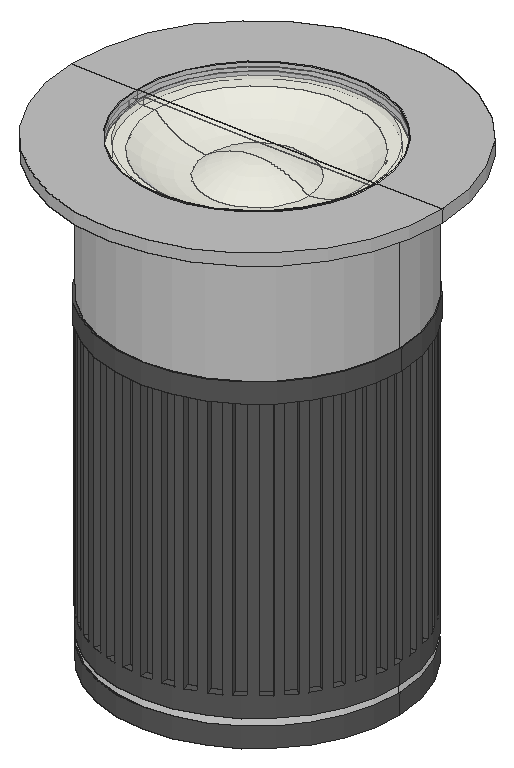
Revit family "STH8706_30", category Luminárias, Revit 2023
Family settings
  Hospedeiro = Piso
  Cota do conector redondo = Utilizar diâmetro
  Tipo de parte = Normal
  Sempre na vertical = Sim
  Corte com vazios quando carregada = Sim
  Fonte luminosa = Sim
  Manter orientação da anotação = Não
  Compartilhado = Não
  Ponto de cálculo do ambiente = Não
Parameters (values of type "STH8706/30 - BIVOLT")
  Ângulo de inclinação = -90.00°
  Ângulo de Abertura = "30°"
  Wattage = 2.15427 W
  Vidro = Vidro
  URL = "https://stella.com.br/"
  Troca de temperatura da cor de lâmpada com esmaecimento = <Nenhum>
  Tensão Elétrica = "100V-240V"
  built-in parameter 1150107 = 3000 (stored number, unit not read)
  Temperatura da cor (K) = 3000 K
  Silicone = Borracha Silicone
  Referência = "STH8706/30"
  Potência = 5 W
  built-in parameter 1150110 = 1 (stored number, unit not read)
  built-in parameter 1150109 = 1 (stored number, unit not read)
  built-in parameter 1114218 = 1 (stored number, unit not read)
  built-in parameter 1150112 = 1 (stored number, unit not read)
  built-in parameter 1150113 = 1 (stored number, unit not read)
  built-in parameter 1150142 = "IESNA:LM-63-2002\r\n[TEST] Viso LabSpion - serial: 0680502858 sensor serial: 0945471843\r\n[TESTLAB] Viso LabSpion - serial: 0680502858 sensor serial: 0945471843 - Test lab\r\n[MANUFAC] N/A\r\n[ISSUEDATE] 28/10/2019\r\n[LUMINAIRE] STELLA - STH8706/30 - FOCCO INOX 30° 5W\r\n[LUMCAT] N/A\r\n[_SERIALNUMBER] VFR-191028-2178-MS\r\nTILT=NONE\r\n1 349 1 181 9 1 2 0 0.09 0\r\n1.0 1.0 4.49\r\n0 1 2 3 4 5 6 7 8 9 10 11 12 13 14 15 16 17 18 19 20 21 22 23 24 25 26 27 28 29 30 31 32 33 34 35 36 37 38 39 40 41 42 43 44 45 46 47 48 49 50 51 52 53 54 55 56 57 58 59 60 61 62 63 64 65 66 67 68 69 70 71 72 73 74 75 76 77 78 79 80\r\n 81 82 83 84 85 86 87 88 89 90 91 92 93 94 95 96 97 98 99 100 101 102 103 104 105 106 107 108 109 110 111 112 113 114 115 116 117 118 119 120 121 122 123 124 125 126 127 128 129 130 131 132 133 134 135 136 137 138 139 140 141 142 143\r\n 144 145 146 147 148 149 150 151 152 153 154 155 156 157 158 159 160 161 162 163 164 165 166 167 168 169 170 171 172 173 174 175 176 177 178 179 180\r\n0 45 90 135 180 225 270 315 360 \r\n1254.4132 1253.9125 1241.334 1219.8405 1190.3625 1153.229 1105.2909 1043.751 971.4144 892.0427 810.495 730.2625 654.4232 584.4614 520.3654 462.6151 411.8029 367.1335 326.9661 290.4873 260.0318 233.9432 211.0417 190.8212 172.4803 155.1054\r\n 139.402 124.8967 111.0443 98.7071 87.6979 77.3597 68.5152 60.9758 54.2211 48.2678 42.6433 37.6116 33.5306 30.192 27.385 25.212 23.2357 21.5082 19.9833 18.6603 17.5818 16.5461 15.6115 14.638 13.7428 12.6874 12.1177 11.3574 10.6768\r\n 9.9944 9.1991 8.3254 7.6386 7.1784 6.6679 6.121 5.6606 5.2085 4.9316 4.3903 4.0749 4.0142 3.5045 3.3953 3.1317 2.969 2.6788 2.5023 2.2626 2.1586 2.0299 1.6885 1.3581 1.2192 1.0905 1.0249 1.012 0.7 0.745 0.6281 0.5141 0.3594 0.3912\r\n 0.2875 0.3161 0.2329 0.2031 0.2829 0.2768 0.2636 0.2784 0.309 0.2647 0.3079 0.3912 0.3324 0.2182 0.2703 0.2493 0.2606 0 0 0 0 0 0 0 0 0 0 0 0 0 0 0 0 0 0 0 0 0 0 0 0 0 0 0 0 0 0 0 0 0 0 0 0 0 0 0 0 0 0 0 0 0 0 0 0 0 0 0 0 0 0 0 0\r\n 0 0 0 0 0 0 0 0 0 0 0 0 0 0 0 0 0 0 0\r\n1254.4132 1258.5267 1246.0576 1221.8204 1187.9574 1144.4435 1093.5366 1032.2061 957.2703 875.769 793.9715 714.6665 639.377 569.0416 505.8973 450.1356 399.6467 354.698 314.2841 276.1655 241.247 211.0234 185.8788 164.1525 144.5958 127.6504\r\n 113.353 100.5997 88.7461 77.5806 68.2361 60.1811 52.4355 45.9279 40.3069 35.1692 31.3314 27.9159 25.4303 23.4056 21.5912 20.0094 18.6721 17.5852 16.6066 15.8589 15.006 14.3343 13.5491 12.7749 12.2979 11.825 11.17 10.6161 9.9484 9.4216\r\n 8.8805 8.2717 7.6062 7.2206 6.7528 6.2087 5.7843 5.3027 4.9474 4.7813 4.3815 3.9644 3.7432 3.6195 3.2707 2.9619 2.6978 2.361 2.1511 2.0917 1.9482 1.6281 1.7747 1.2969 1.1375 1.2382 0.8927 0.8767 0.6867 0.676 0.4894 0.4379 0.4022 0.3582\r\n 0.2836 0.2538 0.2465 0.266 0.2515 0.378 0.3047 0.2723 0.3996 0.2892 0.3675 0.3072 0.222 0.2306 0.2347 0.1671 0 0 0 0 0 0 0 0 0 0 0 0 0 0 0 0 0 0 0 0 0 0 0 0 0 0 0 0 0 0 0 0 0 0 0 0 0 0 0 0 0 0 0 0 0 0 0 0 0 0 0 0 0 0 0 0 0 0 0 0 0\r\n 0 0 0 0 0 0 0 0 0 0 0 0 0 0\r\n1254.4132 1260.8184 1252.4763 1234.1277 1206.6128 1169.6702 1121.3696 1060.6644 989.048 911.2177 831.9017 753.7735 678.2349 607.8521 541.8052 480.9652 427.8038 380.9907 339.6356 302.3693 270.6237 243.6261 220.5038 199.8374 181.4418\r\n 164.4878 148.789 134.405 120.4864 107.5826 96.0976 85.5607 75.9769 67.1928 59.6711 52.9129 46.379 40.8468 35.6911 31.5441 28.0253 25.584 23.4236 21.5575 20.0478 18.5168 17.4785 16.1482 15.0496 14.2868 13.4057 12.5365 11.8588 11.3479\r\n 10.8473 10.1302 9.2931 8.4309 7.953 7.2649 6.8551 6.4381 5.9731 5.5541 5.5304 4.5808 4.3742 3.8618 3.7545 3.387 3.2907 2.997 2.7633 2.6123 2.5462 2.3421 1.9516 1.6387 1.6271 1.4692 1.3151 1.1567 1.1366 0.8337 0.7882 0.6221 0.4269\r\n 0.3264 0.3218 0.4414 0.3278 0.3216 0.3627 0.3472 0.3095 0.2801 0.225 0.2559 0.3368 0.3185 0.3192 0.2614 0.3976 0.3824 0.3204 0.2447 0 0 0 0 0 0 0 0 0 0 0 0 0 0 0 0 0 0 0 0 0 0 0 0 0 0 0 0 0 0 0 0 0 0 0 0 0 0 0 0 0 0 0 0 0 0 0 0 0\r\n 0 0 0 0 0 0 0 0 0 0 0 0 0 0 0 0 0 0 0 0 0 0 0 0 0 0\r\n1254.4132 1235.4283 1213.8408 1183.0004 1142.5634 1090.6595 1028.7759 958.5201 882.6031 807.5621 736.4127 667.479 599.6966 536.6339 479.4222 428.7743 384.2295 345.5846 312.1198 284.8937 262.077 241.29 222.0976 204.6026 188.0746 171.8872\r\n 156.1098 141.2218 126.8588 113.3506 101.0661 89.7527 78.8199 69.1384 60.3517 52.472 46.0501 40.1557 35.6667 32.0867 29.2476 26.8199 25.0246 23.195 21.5271 19.9459 18.6488 17.481 16.1509 14.895 13.9296 13.102 12.1383 10.9541 9.8562\r\n 9.0488 8.2671 7.9311 7.3769 6.9236 6.2291 5.6055 5.4917 5.2086 4.753 4.2428 4.1063 3.9255 3.6452 3.3308 3.05 3.0136 2.7421 2.4527 2.0496 1.7669 1.6744 1.4858 1.3503 1.1469 0.8576 0.9043 0.7503 0.5449 0.551 0.3771 0.3758 0.3205 0.3087\r\n 0.2202 0.1844 0.2156 0.3008 0.3256 0.225 0.3289 0.3273 0.2419 0.3266 0.2844 0.2969 0.2841 0.346 0.2998 0.1812 0.2833 0 0 0 0 0 0 0 0 0 0 0 0 0 0 0 0 0 0 0 0 0 0 0 0 0 0 0 0 0 0 0 0 0 0 0 0 0 0 0 0 0 0 0 0 0 0 0 0 0 0 0 0 0 0 0 0 0\r\n 0 0 0 0 0 0 0 0 0 0 0 0 0 0 0 0 0 0\r\n1254.4132 1246.3771 1225.2507 1195.5458 1154.6616 1102.3846 1039.9093 968.1651 889.1256 811.4557 735.4625 663.6357 595.2045 530.9684 471.886 419.9822 374.1713 332.6627 296.6514 267.1753 242.1604 220.1385 200.9437 183.7139 167.2851\r\n 150.8855 135.5332 120.9409 107.4527 94.8614 83.6417 73.5847 64.9974 57.0199 50.2707 44.1006 38.8356 34.3481 30.8981 28.1938 25.9848 24.11 22.5037 20.8807 19.5292 18.0988 16.7628 15.9177 14.8327 13.9557 12.8745 12.0212 11.3339 10.4331\r\n 9.6058 8.8623 8.1345 7.6248 7.2058 6.8767 6.4446 6.0256 5.5693 5.1569 4.8279 4.327 4.2256 3.9633 3.7743 3.4121 2.9375 3.0062 2.8473 2.3862 2.3347 2.1409 1.5946 1.6102 1.4635 1.1832 1.0704 0.8666 0.9086 0.6659 0.5801 0.4198 0.4252\r\n 0.4886 0.4414 0.3768 0.3345 0.3358 0.3038 0.2745 0.3315 0.1691 0.3349 0.4682 0.331 0.246 0.34 0.2262 0.2202 0.2727 0.3493 0.1718 0 0 0 0 0 0 0 0 0 0 0 0 0 0 0 0 0 0 0 0 0 0 0 0 0 0 0 0 0 0 0 0 0 0 0 0 0 0 0 0 0 0 0 0 0 0 0 0 0 0 0\r\n 0 0 0 0 0 0 0 0 0 0 0 0 0 0 0 0 0 0 0 0 0 0 0 0\r\n1254.4132 1242.9012 1216.9487 1180.6218 1134.0955 1076.8306 1009.7396 934.5873 854.0663 771.1406 691.1722 616.2407 547.0357 484.1858 428.3432 380.7833 338.7082 298.7963 263.0311 230.8081 202.7586 178.7216 157.7128 139.7497 123.9228\r\n 109.3672 96.2509 84.5015 74.0158 64.9604 57.3224 50.2877 44.0308 38.8183 34.5657 30.7584 27.804 25.3022 23.0539 21.1521 19.7532 18.3861 17.5487 16.56 15.6809 14.8834 14.2491 13.5606 12.9473 12.4675 11.8173 11.2582 10.906 10.6004 9.9712\r\n 9.3199 8.5279 8.0192 7.6707 6.7705 6.298 5.787 5.4795 5.0557 4.7864 4.2792 4.0646 3.6468 3.4701 3.263 2.9295 2.7777 2.6672 2.2934 2.0037 1.9205 1.6528 1.4877 1.4075 1.2658 0.9463 0.7881 0.8451 0.7004 0.5305 0.4469 0.3906 0.2752 0.2911\r\n 0.3088 0.3343 0.2606 0.2639 0.291 0.2719 0.2215 0.1922 0.2581 0.296 0.2959 0.2539 0.3435 0.3073 0.2476 0.2152 0.2326 0 0 0 0 0 0 0 0 0 0 0 0 0 0 0 0 0 0 0 0 0 0 0 0 0 0 0 0 0 0 0 0 0 0 0 0 0 0 0 0 0 0 0 0 0 0 0 0 0 0 0 0 0 0 0 0 0\r\n 0 0 0 0 0 0 0 0 0 0 0 0 0 0 0 0 0 0\r\n1254.4132 1243.0748 1218.2241 1184.4143 1140.4849 1082.7727 1015.2307 940.3441 861.7363 778.982 697.7951 622.7253 553.9092 492.6762 438.255 389.3249 345.106 305.8658 272.5987 244.3784 219.5677 197.6613 178.8653 161.6208 145.833 131.8108\r\n 118.8344 107.3735 96.2258 85.9411 76.4377 67.5967 59.9382 52.9466 46.2628 40.8295 35.843 31.7214 28.1535 25.4005 23.3475 21.3511 19.8092 18.7264 17.464 16.1561 15.215 14.4462 13.5715 12.9899 12.1965 11.576 10.977 10.1749 9.5555 8.9544\r\n 8.4803 7.9057 7.0995 6.8114 6.3312 5.6098 5.1373 4.9212 4.5402 4.0894 3.7137 3.6764 3.3319 3.098 3.1816 2.6493 2.3257 2.3344 1.9678 1.686 1.7606 1.3919 1.2041 1.1729 1.0065 0.7529 0.5361 0.5367 0.5164 0.3254 0.3441 0.3266 0.2683 0.2674\r\n 0.2634 0.2602 0.2107 0.2504 0.2085 0.3362 0.3486 0.3034 0.2294 0.3923 0.273 0.2 0.2519 0.3493 0.1906 0.1144 0 0 0 0 0 0 0 0 0 0 0 0 0 0 0 0 0 0 0 0 0 0 0 0 0 0 0 0 0 0 0 0 0 0 0 0 0 0 0 0 0 0 0 0 0 0 0 0 0 0 0 0 0 0 0 0 0 0 0 0 0\r\n 0 0 0 0 0 0 0 0 0 0 0 0 0 0\r\n1254.4132 1250.2531 1246.1835 1232.5193 1210.9766 1177.9784 1131.4691 1073.9901 1005.8739 929.3328 851.3233 774.7342 699.4015 628.5537 562.5295 501.0316 445.4259 397.7925 357.3293 321.9744 291.2104 264.6104 241.0632 219.9406 200.7796\r\n 183.1833 166.7476 150.679 135.9636 122.4888 109.5469 97.6445 87.7943 77.6395 69.2489 61.6235 54.4636 48.4003 42.5542 37.4801 33.6872 30.6123 27.7666 25.428 23.6592 21.9344 20.4108 19.0157 17.9703 16.5212 15.3204 14.6069 13.7808 12.6641\r\n 11.7441 11.0874 10.1173 9.3827 8.4353 7.8541 7.1804 6.6905 6.0754 5.7262 5.0929 4.7684 4.3218 3.9598 3.7421 3.5313 3.1695 3.0003 2.7734 2.5025 2.5249 2.179 2.1048 1.8161 1.7876 1.5602 1.3105 0.9898 1.08 0.7632 0.7683 0.5959 0.456\r\n 0.3398 0.3584 0.3288 0.4379 0.4395 0.4414 0.3189 0.2954 0.3258 0.2462 0.2182 0.2401 0.3791 0.2493 0.3086 0.2362 0.2691 0.2642 0.1683 0 0 0 0 0 0 0 0 0 0 0 0 0 0 0 0 0 0 0 0 0 0 0 0 0 0 0 0 0 0 0 0 0 0 0 0 0 0 0 0 0 0 0 0 0 0 0 0 0\r\n 0 0 0 0 0 0 0 0 0 0 0 0 0 0 0 0 0 0 0 0 0 0 0 0 0 0\r\n1254.4132 1253.9125 1241.334 1219.8405 1190.3625 1153.229 1105.2909 1043.751 971.4144 892.0427 810.495 730.2625 654.4232 584.4614 520.3654 462.6151 411.8029 367.1335 326.9661 290.4873 260.0318 233.9432 211.0417 190.8212 172.4803 155.1054\r\n 139.402 124.8967 111.0443 98.7071 87.6979 77.3597 68.5152 60.9758 54.2211 48.2678 42.6433 37.6116 33.5306 30.192 27.385 25.212 23.2357 21.5082 19.9833 18.6603 17.5818 16.5461 15.6115 14.638 13.7428 12.6874 12.1177 11.3574 10.6768\r\n 9.9944 9.1991 8.3254 7.6386 7.1784 6.6679 6.121 5.6606 5.2085 4.9316 4.3903 4.0749 4.0142 3.5045 3.3953 3.1317 2.969 2.6788 2.5023 2.2626 2.1586 2.0299 1.6885 1.3581 1.2192 1.0905 1.0249 1.012 0.7 0.745 0.6281 0.5141 0.3594 0.3912\r\n 0.2875 0.3161 0.2329 0.2031 0.2829 0.2768 0.2636 0.2784 0.309 0.2647 0.3079 0.3912 0.3324 0.2182 0.2703 0.2493 0.2606 0 0 0 0 0 0 0 0 0 0 0 0 0 0 0 0 0 0 0 0 0 0 0 0 0 0 0 0 0 0 0 0 0 0 0 0 0 0 0 0 0 0 0 0 0 0 0 0 0 0 0 0 0 0 0 0\r\n 0 0 0 0 0 0 0 0 0 0 0 0 0 0 0 0 0 0 0\r\n"
  built-in parameter 1150132 = 2
  built-in parameter 1150137 = (empty or 0)
  Modelo = "Focco 30°"
  Luminoso = Luminoso - 3000K
  built-in parameter 1150106 = 11.951 (stored number, unit not read)
  built-in parameter 1150102 = (empty or 0)
  built-in parameter 1150105 = 1195.1 (stored number, unit not read)
  IRC (Índice de reprodução de cores) = ">80"
  Grau de proteção (IP) = "IP67"
  Fluxo Luminoso = 320 lm
  Color Filter = 16777215
  built-in parameter 1114217 = 1 (stored number, unit not read)
  built-in parameter 1150139 = (empty or 0)
  Fabricante = "Stella"
  Estrutura = Al - Preto
  Default Elevation = 0 m
  built-in parameter 1150104 = 13.8 (stored number, unit not read)
  Diâmetro = 0.065 m
  Dimerização = "Não dimerizável"
  built-in parameter 1150115 = 1 (stored number, unit not read)
  built-in parameter 1150114 = 1 (stored number, unit not read)
  Cromado = Cromado
  Lumens = 320 lm
  built-in parameter 1150138 = (empty or 0)
  built-in parameter 1150134 = (empty or 0)
  Arquivo de rede fotométrica = "STELLA - STH8706-30 - FOCCO INOX 30° 5W.ies"
  Altura = 0.082 m
  built-in parameter 1150133 = 10 (stored number, unit not read)
Reference planes (m)
  plane 1 "Centro (Frente/Trás)": y = 0
  plane 2: z = 0
  plane 3 "Centro (Esquerda/Direita)": x = 0
  plane 4: y = 0.0325
  plane 5: y = -0.0325
  plane 6: x = -0.0325
  plane 7: x = 0.0325
  plane 8: z = 0.0021
  plane 9 "Inferior": z = -0.0799
Forms (m)
  Revolve 1, solid, material "Al - Preto" <- "Estrutura"
    sketch origin (0, 0, 0) x (1, 0, 0) y (0, 0, 1)
      loop
        line (0.025, -0.0799) -> (0.025, -0.0257) -> (0.02102, -0.0257) -> (0.02102, -0.077202) -> (0, -0.077202) -> (0, -0.0799) -> (0.025, -0.0799)
      axis (0, -0.0257) -> (0, -0.0799)
    angle from 0 to 360
  Extrusion 2, void
    sketch origin (0, 0, 0) x (1, 0, 0) y (0, 1, 0)
      loop
        line (-0.018744, 0.017007) -> (-0.017546, 0.01592) -> (-0.016206, 0.01726) -> (-0.017312, 0.018438) -> (-0.018744, 0.017007)
      loop
        line (-0.016194, 0.01945) -> (-0.015159, 0.018207) -> (-0.013646, 0.019347) -> (-0.014578, 0.020668) -> (-0.016194, 0.01945)
      loop
        line (-0.01333, 0.021515) -> (-0.012478, 0.02014) -> (-0.01082, 0.021058) -> (-0.011559, 0.022496) -> (-0.01333, 0.021515)
      loop
        line (-0.010206, 0.023161) -> (-0.009553, 0.02168) -> (-0.007784, 0.022359) -> (-0.008316, 0.023886) -> (-0.010206, 0.023161)
      loop
        line (-0.006883, 0.024356) -> (-0.006443, 0.022799) -> (-0.004597, 0.023225) -> (-0.004911, 0.024811) -> (-0.006883, 0.024356)
      loop
        line (-0.003426, 0.025076) -> (-0.003207, 0.023473) -> (-0.00132, 0.023639) -> (-0.00141, 0.025253) -> (-0.003426, 0.025076)
      loop
        line (0.000097, 0.025309) -> (0.000091, 0.023691) -> (0.001983, 0.023592) -> (0.002118, 0.025203) -> (0.000097, 0.025309)
      loop
        line (0.003618, 0.025049) -> (0.003387, 0.023448) -> (0.005247, 0.023087) -> (0.005605, 0.024663) -> (0.003618, 0.025049)
      loop
        line (0.007069, 0.024302) -> (0.006617, 0.022749) -> (0.008409, 0.022132) -> (0.008983, 0.023643) -> (0.007069, 0.024302)
      loop
        line (0.010383, 0.023082) -> (0.009719, 0.021606) -> (0.011407, 0.020746) -> (0.012186, 0.022163) -> (0.010383, 0.023082)
      loop
        line (0.013494, 0.021412) -> (0.012631, 0.020043) -> (0.014184, 0.018956) -> (0.015152, 0.020251) -> (0.013494, 0.021412)
      loop
        line (0.016343, 0.019326) -> (0.015298, 0.01809) -> (0.016684, 0.016798) -> (0.017823, 0.017945) -> (0.016343, 0.019326)
      loop
        line (0.021037, 0.014072) -> (0.019692, 0.013173) -> (0.020668, 0.011549) -> (0.022079, 0.012337) -> (0.021037, 0.014072)
      loop
        line (0.018873, 0.016863) -> (0.017667, 0.015785) -> (0.018859, 0.014313) -> (0.020147, 0.01529) -> (0.018873, 0.016863)
      loop
        line (0.02279, 0.011008) -> (0.021333, 0.010304) -> (0.022074, 0.00856) -> (0.023581, 0.009144) -> (0.02279, 0.011008)
      loop
        line (0.024942, 0.004299) -> (0.023347, 0.004025) -> (0.023578, 0.002144) -> (0.025188, 0.00229) -> (0.024942, 0.004299)
      loop
        line (0.0241, 0.007729) -> (0.02256, 0.007235) -> (0.02305, 0.005404) -> (0.024624, 0.005774) -> (0.0241, 0.007729)
      loop
        line (0.025297, 0.000786) -> (0.02368, 0.000736) -> (0.023647, -0.001158) -> (0.025262, -0.001237) -> (0.025297, 0.000786)
      loop
        line (0.024534, -0.006217) -> (0.022966, -0.00582) -> (0.022412, -0.007631) -> (0.023942, -0.008153) -> (0.024534, -0.006217)
      loop
        line (0.02516, -0.002742) -> (0.023552, -0.002567) -> (0.023256, -0.004438) -> (0.024844, -0.004741) -> (0.02516, -0.002742)
      loop
        line (0.02343, -0.009571) -> (0.021932, -0.008959) -> (0.021131, -0.010676) -> (0.022575, -0.011405) -> (0.02343, -0.009571)
      loop
        line (0.019884, -0.015658) -> (0.018613, -0.014657) -> (0.01737, -0.016087) -> (0.018556, -0.017186) -> (0.019884, -0.015658)
      loop
        line (0.02187, -0.012739) -> (0.020472, -0.011924) -> (0.01944, -0.013513) -> (0.020768, -0.014436) -> (0.02187, -0.012739)
      loop
        line (0.017512, -0.018273) -> (0.016392, -0.017105) -> (0.014962, -0.018348) -> (0.015984, -0.019601) -> (0.017512, -0.018273)
      loop
        line (0.011796, -0.022392) -> (0.011042, -0.020961) -> (0.009325, -0.021762) -> (0.009962, -0.023248) -> (0.011796, -0.022392)
      loop
        line (0.014798, -0.020533) -> (0.013852, -0.01922) -> (0.012263, -0.020252) -> (0.0131, -0.021635) -> (0.014798, -0.020533)
      loop
        line (0.008565, -0.023816) -> (0.008018, -0.022294) -> (0.006206, -0.022848) -> (0.006629, -0.024408) -> (0.008565, -0.023816)
      loop
        line (0.001669, -0.025254) -> (0.001562, -0.02364) -> (-0.000332, -0.023673) -> (-0.000355, -0.02529) -> (0.001669, -0.025254)
      loop
        line (0.005167, -0.024776) -> (0.004837, -0.023193) -> (0.002965, -0.023489) -> (0.003168, -0.025093) -> (0.005167, -0.024776)
      loop
        line (-0.001862, -0.025241) -> (-0.001743, -0.023627) -> (-0.003624, -0.023396) -> (-0.003871, -0.024994) -> (-0.001862, -0.025241)
      loop
        line (-0.008747, -0.02375) -> (-0.008188, -0.022232) -> (-0.009932, -0.021491) -> (-0.010611, -0.022959) -> (-0.008747, -0.02375)
      loop
        line (-0.005357, -0.024736) -> (-0.005015, -0.023155) -> (-0.006845, -0.022664) -> (-0.007312, -0.024212) -> (-0.005357, -0.024736)
      loop
        line (-0.011968, -0.022301) -> (-0.011203, -0.020876) -> (-0.012827, -0.0199) -> (-0.013703, -0.021259) -> (-0.011968, -0.022301)
      loop
        line (-0.017651, -0.018139) -> (-0.016523, -0.016979) -> (-0.017815, -0.015593) -> (-0.019031, -0.016658) -> (-0.017651, -0.018139)
      loop
        line (-0.014955, -0.020419) -> (-0.013999, -0.019113) -> (-0.015471, -0.017921) -> (-0.016528, -0.019145) -> (-0.014955, -0.020419)
      loop
        line (-0.020004, -0.015505) -> (-0.018725, -0.014514) -> (-0.019812, -0.012962) -> (-0.021165, -0.013847) -> (-0.020004, -0.015505)
      loop
        line (-0.023503, -0.009391) -> (-0.022, -0.008791) -> (-0.022617, -0.006999) -> (-0.024162, -0.007477) -> (-0.023503, -0.009391)
      loop
        line (-0.021967, -0.012571) -> (-0.020563, -0.011767) -> (-0.021423, -0.010079) -> (-0.022886, -0.010767) -> (-0.021967, -0.012571)
      loop
        line (-0.024581, -0.006029) -> (-0.02301, -0.005643) -> (-0.023371, -0.003783) -> (-0.024967, -0.004042) -> (-0.024581, -0.006029)
      loop
        line (-0.02529, 0.00098) -> (-0.023674, 0.000918) -> (-0.023509, 0.002805) -> (-0.025114, 0.002997) -> (-0.02529, 0.00098)
      loop
        line (-0.025181, -0.002549) -> (-0.023571, -0.002386) -> (-0.02367, -0.000494) -> (-0.025287, -0.000528) -> (-0.025181, -0.002549)
      loop
        line (-0.024908, 0.00449) -> (-0.023316, 0.004203) -> (-0.022889, 0.00605) -> (-0.024453, 0.006463) -> (-0.024908, 0.00449)
      loop
        line (-0.022705, 0.011182) -> (-0.021254, 0.010467) -> (-0.020335, 0.012124) -> (-0.021724, 0.012952) -> (-0.022705, 0.011182)
      loop
        line (-0.024041, 0.007913) -> (-0.022504, 0.007407) -> (-0.021825, 0.009176) -> (-0.023315, 0.009803) -> (-0.024041, 0.007913)
      loop
        line (-0.020928, 0.014233) -> (-0.01959, 0.013323) -> (-0.01845, 0.014837) -> (-0.01971, 0.01585) -> (-0.020928, 0.014233)
    from -0.071649 to -0.0257
  Revolve 3, void
    sketch origin (0, 0, 0) x (1, 0, 0) y (0, 0, 1)
      loop
        line (0.02357, -0.0752) -> (0.02357, -0.0764) -> (0.026276, -0.0764) -> (0.026276, -0.0752) -> (0.02357, -0.0752)
      axis (0, -0.0764) -> (0, -0.0752)
    angle from 0 to 360
  Revolve 4, solid, material "Borracha Silicone" <- "Silicone"
    sketch origin (0, 0, 0) x (1, 0, 0) y (0, 0, 1)
      loop
        line (0.02487, -0.0752) -> (0.02357, -0.0752) -> (0.02357, -0.0764) -> (0.02487, -0.0764) -> (0.02487, -0.0752)
      axis (0, -0.0752) -> (0, -0.0764)
    angle from 0 to 360
  Revolve 5, solid, material "Al - Preto" <- "Estrutura"
    sketch origin (0, 0, 0) x (1, 0, 0) y (0, 0, 1)
      loop
        line (0.02532, -0.0257) -> (0.02532, -0.0222) -> (0.02102, -0.0222) -> (0.02102, -0.0257) -> (0.02532, -0.0257)
      axis (0, -0.0222) -> (0, -0.0257)
    angle from 0 to 360
  Revolve 6, solid, material "Vidro" <- "Vidro"
    sketch origin (0, 0, 0) x (1, 0, 0) y (0, 0, 1)
      loop
        line (0.0199, -0.0001) -> (0.02095, -0.0001) -> (0.02095, -0.015) -> (0.02225, -0.015) -> (0.02225, 0.0005) -> (0.0209, 0.0005) -> (0.0209, 0.0021) -> (0, 0.0021) -> (0, 0.0013) -> (0.0199, 0.0013) -> (0.0199, -0.0001)
      axis (0, 0.0021) -> (0, -0.015)
    angle from 0 to 360
  Revolve 7, solid, material "Luminoso - 3000K" <- "Luminoso"
    sketch origin (0, 0, 0) x (1, 0, 0) y (0, 0, 1)
      loop
        line (0.02095, 0) -> (0.0179, 0)
        arc (0.0179, 0) -> (0.013809, -0.002798) -> (0.009, -0.004) r 0.014043
        arc (0.009, -0.004) -> (0.004743, -0.00177) -> (0, -0.001) r 0.015
        line (0, -0.001) -> (0, -0.008) -> (0.006, -0.008) -> (0.006, -0.0122) -> (0.0075, -0.0122) -> (0.0075, -0.0137) -> (0.01025, -0.0137)
        arc (0.01025, -0.0137) -> (0.015246, -0.008254) -> (0.01775, -0.0013) r 0.018757
        line (0.01775, -0.0013) -> (0.02095, -0.0013) -> (0.02095, 0)
      axis (0, 0) -> (0, -0.0137)
    angle from 0 to 360
  Revolve 8, void
    sketch origin (0, 0, 0) x (1, 0, 0) y (0, 0, 1)
      loop
        line (0.025, 0) -> (0, 0) -> (0, -0.0799) -> (0.025, -0.0799) -> (0.025, 0)
      axis (0, 0) -> (0, -0.0799)
    angle from 0 to 360
  Revolve 9, solid, material "Cromado" <- "Cromado"
    sketch origin (0, 0, 0) x (1, 0, 0) y (0, 0, 1)
      loop
        line (0.025, 0) -> (0.0325, 0) -> (0.0325, 0.0021) -> (0.0211, 0.0021) -> (0.0211, 0.0013) -> (0.0226, 0.0013) -> (0.0226, -0.0222) -> (0.025, -0.0222) -> (0.025, 0)
      axis (0, 0.0021) -> (0, -0.0222)
    angle from 0 to 360
Cuts and joins
  Extrusion 2, Revolve 3 cuts Revolve 1
Dimensions and locks (m)
  "Diâmetro": plane 4 to plane 5
  "Altura": plane 8 to plane 9 "Inferior"
  aligned and locked: plane 2 to level
Automatic sketch dimensions
  Extrusion 2 sketch curve to plane 1 "Centro (Frente/Trás)" = 0.00098 m
  plane 6 to Extrusion 2 sketch curve = 0.00721 m
  plane 1 "Centro (Frente/Trás)" to Extrusion 2 sketch curve = 0.000528 m
  Extrusion 2 sketch curve to Extrusion 2 sketch curve = 0.000004 m  (x2)
  plane 1 "Centro (Frente/Trás)" to Extrusion 2 sketch curve = 0.002549 m
  Extrusion 2 sketch curve to Extrusion 2 sketch curve = 0.000106 m
  Extrusion 2 sketch curve to plane 1 "Centro (Frente/Trás)" = 0.002997 m
  Extrusion 2 sketch curve to Extrusion 2 sketch curve = 0.000176 m
  Extrusion 2 sketch curve to Extrusion 2 sketch curve = 0.000214 m
  Extrusion 2 sketch curve to Extrusion 2 sketch curve = 0.000206 m
  Extrusion 2 sketch curve to Extrusion 2 sketch curve = 0.000386 m  (x2)
  Extrusion 2 sketch curve to Extrusion 2 sketch curve = 0.000455 m
  Extrusion 2 sketch curve to Extrusion 2 sketch curve = 0.000419 m
  Extrusion 2 sketch curve to Extrusion 2 sketch curve = 0.000412 m
  Extrusion 2 sketch curve to plane 1 "Centro (Frente/Trás)" = 0.000918 m
  Extrusion 2 sketch curve to Extrusion 2 sketch curve = 0.001617 m  (x2)
  plane 1 "Centro (Frente/Trás)" to Extrusion 2 sketch curve = 0.000494 m
  plane 1 "Centro (Frente/Trás)" to Extrusion 2 sketch curve = 0.002386 m
  Extrusion 2 sketch curve to Extrusion 2 sketch curve = 0.00161 m  (x2)
  Extrusion 2 sketch curve to plane 1 "Centro (Frente/Trás)" = 0.002805 m
  Extrusion 2 sketch curve to Extrusion 2 sketch curve = 0.001605 m
  Extrusion 2 sketch curve to Extrusion 2 sketch curve = 0.000659 m
  plane 1 "Centro (Frente/Trás)" to Extrusion 2 sketch curve = 0.003783 m
  Extrusion 2 sketch curve to Extrusion 2 sketch curve = 0.0002 m
  Extrusion 2 sketch curve to plane 1 "Centro (Frente/Trás)" = 0.004203 m
  Extrusion 2 sketch curve to Extrusion 2 sketch curve = 0.000193 m
  Extrusion 2 sketch curve to Extrusion 2 sketch curve = 0.000725 m
  Extrusion 2 sketch curve to Extrusion 2 sketch curve = 0.001571 m
  Extrusion 2 sketch curve to Extrusion 2 sketch curve = 0.001563 m
  Extrusion 2 sketch curve to Extrusion 2 sketch curve = 0.000617 m  (x2)
  Extrusion 2 sketch curve to Extrusion 2 sketch curve = 0.00061 m
  Extrusion 2 sketch curve to Extrusion 2 sketch curve = 0.000392 m
  Extrusion 2 sketch curve to Extrusion 2 sketch curve = 0.001502 m
  Extrusion 2 sketch curve to Extrusion 2 sketch curve = 0.000919 m  (x2)
  Extrusion 2 sketch curve to Extrusion 2 sketch curve = 0.00149 m
  Extrusion 2 sketch curve to Extrusion 2 sketch curve = 0.000981 m
  Extrusion 2 sketch curve to Extrusion 2 sketch curve = 0.000577 m
  Extrusion 2 sketch curve to Extrusion 2 sketch curve = 0.000571 m
  Extrusion 2 sketch curve to Extrusion 2 sketch curve = 0.000802 m
  Extrusion 2 sketch curve to Extrusion 2 sketch curve = 0.000796 m
  Extrusion 2 sketch curve to Extrusion 2 sketch curve = 0.001404 m  (x2)
  Extrusion 2 sketch curve to Extrusion 2 sketch curve = 0.001389 m  (x2)
  Extrusion 2 sketch curve to Extrusion 2 sketch curve = 0.001161 m
  Extrusion 2 sketch curve to Extrusion 2 sketch curve = 0.000751 m  (x2)
  Extrusion 2 sketch curve to Extrusion 2 sketch curve = 0.001218 m  (x2)
  Extrusion 2 sketch curve to Extrusion 2 sketch curve = 0.000745 m
  Extrusion 2 sketch curve to Extrusion 2 sketch curve = 0.000972 m
  Extrusion 2 sketch curve to Extrusion 2 sketch curve = 0.000966 m
  Extrusion 2 sketch curve to Extrusion 2 sketch curve = 0.001279 m
  Extrusion 2 sketch curve to Extrusion 2 sketch curve = 0.00126 m
  Extrusion 2 sketch curve to Extrusion 2 sketch curve = 0.00091 m
  Extrusion 2 sketch curve to Extrusion 2 sketch curve = 0.00138 m  (x2)
  Extrusion 2 sketch curve to Extrusion 2 sketch curve = 0.000904 m
  Extrusion 2 sketch curve to Extrusion 2 sketch curve = 0.001431 m
  Extrusion 2 sketch curve to Extrusion 2 sketch curve = 0.001123 m
  Extrusion 2 sketch curve to Extrusion 2 sketch curve = 0.001128 m
  Extrusion 2 sketch curve to Extrusion 2 sketch curve = 0.001107 m
  Extrusion 2 sketch curve to Extrusion 2 sketch curve = 0.001118 m
  Extrusion 2 sketch curve to Extrusion 2 sketch curve = 0.001051 m
  Extrusion 2 sketch curve to Extrusion 2 sketch curve = 0.001047 m
  Extrusion 2 sketch curve to Extrusion 2 sketch curve = 0.001573 m
  Extrusion 2 sketch curve to Extrusion 2 sketch curve = 0.000956 m
  Extrusion 2 sketch curve to Extrusion 2 sketch curve = 0.001252 m
  Extrusion 2 sketch curve to Extrusion 2 sketch curve = 0.000932 m
  Extrusion 2 sketch curve to Extrusion 2 sketch curve = 0.001248 m  (x2)
  Extrusion 2 sketch curve to Extrusion 2 sketch curve = 0.001172 m
  Extrusion 2 sketch curve to Extrusion 2 sketch curve = 0.001168 m
  Extrusion 2 sketch curve to Extrusion 2 sketch curve = 0.001735 m
  Extrusion 2 sketch curve to Extrusion 2 sketch curve = 0.00177 m
  Extrusion 2 sketch curve to Extrusion 2 sketch curve = 0.000765 m
  Extrusion 2 sketch curve to Extrusion 2 sketch curve = 0.000739 m
  Extrusion 2 sketch curve to Extrusion 2 sketch curve = 0.001357 m
  Extrusion 2 sketch curve to Extrusion 2 sketch curve = 0.001354 m
  Extrusion 2 sketch curve to Extrusion 2 sketch curve = 0.00127 m
  Extrusion 2 sketch curve to Extrusion 2 sketch curve = 0.001267 m
  Extrusion 2 sketch curve to Extrusion 2 sketch curve = 0.001863 m
  Extrusion 2 sketch curve to Extrusion 2 sketch curve = 0.00189 m
  Extrusion 2 sketch curve to Extrusion 2 sketch curve = 0.000559 m
  Extrusion 2 sketch curve to Extrusion 2 sketch curve = 0.000532 m  (x2)
  Extrusion 2 sketch curve to Extrusion 2 sketch curve = 0.001435 m
  Extrusion 2 sketch curve to Extrusion 2 sketch curve = 0.001433 m
  Extrusion 2 sketch curve to Extrusion 2 sketch curve = 0.001344 m
  Extrusion 2 sketch curve to Extrusion 2 sketch curve = 0.001341 m
  Extrusion 2 sketch curve to Extrusion 2 sketch curve = 0.001955 m
  Extrusion 2 sketch curve to Extrusion 2 sketch curve = 0.000342 m
  Extrusion 2 sketch curve to Extrusion 2 sketch curve = 0.001972 m
  Extrusion 2 sketch curve to Extrusion 2 sketch curve = 0.000314 m
  Extrusion 2 sketch curve to Extrusion 2 sketch curve = 0.001486 m  (x2)
  Extrusion 2 sketch curve to Extrusion 2 sketch curve = 0.001391 m
  Extrusion 2 sketch curve to Extrusion 2 sketch curve = 0.001484 m
  Extrusion 2 sketch curve to plane 3 "Centro (Esquerda/Direita)" = 0.001862 m
  Extrusion 2 sketch curve to Extrusion 2 sketch curve = 0.000119 m
  Extrusion 2 sketch curve to plane 3 "Centro (Esquerda/Direita)" = 0.00141 m
  Extrusion 2 sketch curve to plane 3 "Centro (Esquerda/Direita)" = 0.00132 m
  Extrusion 2 sketch curve to plane 3 "Centro (Esquerda/Direita)" = 0.000355 m
  Extrusion 2 sketch curve to plane 3 "Centro (Esquerda/Direita)" = 0.000332 m
  plane 3 "Centro (Esquerda/Direita)" to Extrusion 2 sketch curve = 0.000091 m
  plane 3 "Centro (Esquerda/Direita)" to Extrusion 2 sketch curve = 0.000097 m
  plane 3 "Centro (Esquerda/Direita)" to Extrusion 2 sketch curve = 0.001562 m
  Extrusion 2 sketch curve to Extrusion 2 sketch curve = 0.000107 m
  Extrusion 2 sketch curve to Extrusion 2 sketch curve = 0.001892 m
  Extrusion 2 sketch curve to Extrusion 2 sketch curve = 0.000135 m
  Extrusion 2 sketch curve to Extrusion 2 sketch curve = 0.001403 m
  Extrusion 2 sketch curve to Extrusion 2 sketch curve = 0.001499 m
  Extrusion 2 sketch curve to Extrusion 2 sketch curve = 0.0015 m
  Extrusion 2 sketch curve to Extrusion 2 sketch curve = 0.001871 m
  Extrusion 2 sketch curve to Extrusion 2 sketch curve = 0.00033 m
  Extrusion 2 sketch curve to Extrusion 2 sketch curve = 0.00186 m  (x2)
  Extrusion 2 sketch curve to Extrusion 2 sketch curve = 0.000358 m
  Extrusion 2 sketch curve to Extrusion 2 sketch curve = 0.001369 m  (x2)
  Extrusion 2 sketch curve to Extrusion 2 sketch curve = 0.00137 m
  Extrusion 2 sketch curve to Extrusion 2 sketch curve = 0.001462 m
  Extrusion 2 sketch curve to Extrusion 2 sketch curve = 0.001464 m
  Extrusion 2 sketch curve to Extrusion 2 sketch curve = 0.001812 m  (x2)
  Extrusion 2 sketch curve to Extrusion 2 sketch curve = 0.001792 m  (x2)
  Extrusion 2 sketch curve to Extrusion 2 sketch curve = 0.000548 m
  Extrusion 2 sketch curve to Extrusion 2 sketch curve = 0.000574 m
  Extrusion 2 sketch curve to Extrusion 2 sketch curve = 0.001307 m
  Extrusion 2 sketch curve to Extrusion 2 sketch curve = 0.00131 m
  Extrusion 2 sketch curve to Extrusion 2 sketch curve = 0.001397 m
  Extrusion 2 sketch curve to Extrusion 2 sketch curve = 0.0014 m
  Extrusion 2 sketch curve to Extrusion 2 sketch curve = 0.001717 m  (x2)
  Extrusion 2 sketch curve to Extrusion 2 sketch curve = 0.001688 m  (x2)
  Extrusion 2 sketch curve to Extrusion 2 sketch curve = 0.000754 m
  Extrusion 2 sketch curve to Extrusion 2 sketch curve = 0.000779 m
  Extrusion 2 sketch curve to Extrusion 2 sketch curve = 0.001221 m
  Extrusion 2 sketch curve to Extrusion 2 sketch curve = 0.001224 m
  Extrusion 2 sketch curve to Extrusion 2 sketch curve = 0.001304 m
  Extrusion 2 sketch curve to Extrusion 2 sketch curve = 0.001308 m
  Extrusion 2 sketch curve to Extrusion 2 sketch curve = 0.001589 m  (x2)
  Extrusion 2 sketch curve to Extrusion 2 sketch curve = 0.001552 m  (x2)
  Extrusion 2 sketch curve to Extrusion 2 sketch curve = 0.000946 m
  Extrusion 2 sketch curve to Extrusion 2 sketch curve = 0.00111 m
  Extrusion 2 sketch curve to Extrusion 2 sketch curve = 0.000969 m
  Extrusion 2 sketch curve to Extrusion 2 sketch curve = 0.001114 m
  Extrusion 2 sketch curve to Extrusion 2 sketch curve = 0.001186 m
  Extrusion 2 sketch curve to Extrusion 2 sketch curve = 0.001191 m
  Extrusion 2 sketch curve to Extrusion 2 sketch curve = 0.00143 m  (x2)
  Extrusion 2 sketch curve to Extrusion 2 sketch curve = 0.001386 m  (x2)
  Extrusion 2 sketch curve to Extrusion 2 sketch curve = 0.000978 m
  Extrusion 2 sketch curve to Extrusion 2 sketch curve = 0.001119 m
  Extrusion 2 sketch curve to Extrusion 2 sketch curve = 0.000983 m
  Extrusion 2 sketch curve to Extrusion 2 sketch curve = 0.001139 m
  Extrusion 2 sketch curve to Extrusion 2 sketch curve = 0.001045 m
  Extrusion 2 sketch curve to Extrusion 2 sketch curve = 0.001243 m  (x2)
  Extrusion 2 sketch curve to Extrusion 2 sketch curve = 0.001192 m  (x2)
  Extrusion 2 sketch curve to Extrusion 2 sketch curve = 0.00105 m
  Extrusion 2 sketch curve to Extrusion 2 sketch curve = 0.000827 m
  Extrusion 2 sketch curve to Extrusion 2 sketch curve = 0.000833 m
  Extrusion 2 sketch curve to Extrusion 2 sketch curve = 0.001271 m
  Extrusion 2 sketch curve to Extrusion 2 sketch curve = 0.001288 m  (x2)
  Extrusion 2 sketch curve to Extrusion 2 sketch curve = 0.001032 m  (x2)
  Extrusion 2 sketch curve to Extrusion 2 sketch curve = 0.000976 m  (x2)
  Extrusion 2 sketch curve to Extrusion 2 sketch curve = 0.000883 m
  Extrusion 2 sketch curve to Extrusion 2 sketch curve = 0.000889 m
  Extrusion 2 sketch curve to Extrusion 2 sketch curve = 0.00066 m
  Extrusion 2 sketch curve to Extrusion 2 sketch curve = 0.000666 m
  Extrusion 2 sketch curve to Extrusion 2 sketch curve = 0.001398 m
  Extrusion 2 sketch curve to Extrusion 2 sketch curve = 0.000801 m  (x2)
  Extrusion 2 sketch curve to Extrusion 2 sketch curve = 0.00074 m  (x2)
  Extrusion 2 sketch curve to Extrusion 2 sketch curve = 0.001411 m
  Extrusion 2 sketch curve to Extrusion 2 sketch curve = 0.000479 m
  Extrusion 2 sketch curve to Extrusion 2 sketch curve = 0.000486 m
  Extrusion 2 sketch curve to Extrusion 2 sketch curve = 0.000705 m
  Extrusion 2 sketch curve to Extrusion 2 sketch curve = 0.000711 m
  Extrusion 2 sketch curve to Extrusion 2 sketch curve = 0.000554 m  (x2)
  Extrusion 2 sketch curve to Extrusion 2 sketch curve = 0.00049 m  (x2)
  plane 1 "Centro (Frente/Trás)" to Extrusion 2 sketch curve = 0.004438 m
  Extrusion 2 sketch curve to Extrusion 2 sketch curve = 0.00029 m
  Extrusion 2 sketch curve to plane 1 "Centro (Frente/Trás)" = 0.004025 m
  Extrusion 2 sketch curve to Extrusion 2 sketch curve = 0.000297 m
  Extrusion 2 sketch curve to Extrusion 2 sketch curve = 0.001498 m
  plane 1 "Centro (Frente/Trás)" to Extrusion 2 sketch curve = 0.002567 m
  Extrusion 2 sketch curve to Extrusion 2 sketch curve = 0.000296 m  (x2)
  Extrusion 2 sketch curve to plane 1 "Centro (Frente/Trás)" = 0.002144 m
  Extrusion 2 sketch curve to Extrusion 2 sketch curve = 0.000231 m  (x2)
  Extrusion 2 sketch curve to Extrusion 2 sketch curve = 0.001507 m
  plane 1 "Centro (Frente/Trás)" to Extrusion 2 sketch curve = 0.001158 m
  Extrusion 2 sketch curve to Extrusion 2 sketch curve = 0.000095 m
  Extrusion 2 sketch curve to plane 1 "Centro (Frente/Trás)" = 0.000736 m
  Extrusion 2 sketch curve to Extrusion 2 sketch curve = 0.000102 m
  Extrusion 2 sketch curve to Extrusion 2 sketch curve = 0.000512 m
  Extrusion 2 sketch curve to Extrusion 2 sketch curve = 0.000519 m
  Extrusion 2 sketch curve to Extrusion 2 sketch curve = 0.001568 m
  Extrusion 2 sketch curve to Extrusion 2 sketch curve = 0.001574 m
  Extrusion 2 sketch curve to Extrusion 2 sketch curve = 0.00031 m
  Extrusion 2 sketch curve to Extrusion 2 sketch curve = 0.000317 m
  plane 1 "Centro (Frente/Trás)" to Extrusion 2 sketch curve = 0.002742 m
  Extrusion 2 sketch curve to Extrusion 2 sketch curve = 0.001608 m
  Extrusion 2 sketch curve to plane 1 "Centro (Frente/Trás)" = 0.00229 m
  plane 1 "Centro (Frente/Trás)" to Extrusion 2 sketch curve = 0.001237 m
  Extrusion 2 sketch curve to Extrusion 2 sketch curve = 0.000101 m
  Extrusion 2 sketch curve to plane 1 "Centro (Frente/Trás)" = 0.000786 m
  Extrusion 2 sketch curve to Extrusion 2 sketch curve = 0.000109 m
  Extrusion 2 sketch curve to Extrusion 2 sketch curve = 0.000303 m
  Extrusion 2 sketch curve to Extrusion 2 sketch curve = 0.001381 m
  Extrusion 2 sketch curve to Extrusion 2 sketch curve = 0.000385 m
  Extrusion 2 sketch curve to Extrusion 2 sketch curve = 0.001476 m
  Extrusion 2 sketch curve to Extrusion 2 sketch curve = 0.001356 m
  Extrusion 2 sketch curve to Extrusion 2 sketch curve = 0.001448 m
  Extrusion 2 sketch curve to Extrusion 2 sketch curve = 0.000521 m
  Extrusion 2 sketch curve to Extrusion 2 sketch curve = 0.001328 m
  Extrusion 2 sketch curve to Extrusion 2 sketch curve = 0.0006 m
  Extrusion 2 sketch curve to Extrusion 2 sketch curve = 0.001418 m
  Extrusion 2 sketch curve to Extrusion 2 sketch curve = 0.001376 m
  Extrusion 2 sketch curve to Extrusion 2 sketch curve = 0.000729 m
  Extrusion 2 sketch curve to Extrusion 2 sketch curve = 0.000804 m
  Extrusion 2 sketch curve to Extrusion 2 sketch curve = 0.001333 m
  Extrusion 2 sketch curve to Extrusion 2 sketch curve = 0.001195 m
  Extrusion 2 sketch curve to Extrusion 2 sketch curve = 0.001277 m
  Extrusion 2 sketch curve to Extrusion 2 sketch curve = 0.000923 m
  Extrusion 2 sketch curve to Extrusion 2 sketch curve = 0.001144 m
  Extrusion 2 sketch curve to Extrusion 2 sketch curve = 0.000991 m
  Extrusion 2 sketch curve to Extrusion 2 sketch curve = 0.001079 m
  Extrusion 2 sketch curve to Extrusion 2 sketch curve = 0.001222 m
  Extrusion 2 sketch curve to Extrusion 2 sketch curve = 0.001153 m
  Extrusion 2 sketch curve to Extrusion 2 sketch curve = 0.001018 m
  Extrusion 2 sketch curve to Extrusion 2 sketch curve = 0.001099 m
  Extrusion 2 sketch curve to Extrusion 2 sketch curve = 0.000942 m
  Extrusion 2 sketch curve to Extrusion 2 sketch curve = 0.001159 m
  Extrusion 2 sketch curve to Extrusion 2 sketch curve = 0.001087 m  (x2)
  Extrusion 2 sketch curve to Extrusion 2 sketch curve = 0.001006 m
  Extrusion 2 sketch curve to Extrusion 2 sketch curve = 0.000872 m
  Extrusion 2 sketch curve to Extrusion 2 sketch curve = 0.001253 m
  Extrusion 2 sketch curve to Extrusion 2 sketch curve = 0.000786 m
  Extrusion 2 sketch curve to Extrusion 2 sketch curve = 0.001305 m
  Extrusion 2 sketch curve to Extrusion 2 sketch curve = 0.000931 m
  Extrusion 2 sketch curve to Extrusion 2 sketch curve = 0.000709 m
  Extrusion 2 sketch curve to Extrusion 2 sketch curve = 0.00084 m
  Extrusion 2 sketch curve to Extrusion 2 sketch curve = 0.000616 m
  Extrusion 2 sketch curve to Extrusion 2 sketch curve = 0.001383 m
  Extrusion 2 sketch curve to Extrusion 2 sketch curve = 0.001426 m
  Extrusion 2 sketch curve to Extrusion 2 sketch curve = 0.000757 m
  Extrusion 2 sketch curve to Extrusion 2 sketch curve = 0.000433 m
  Extrusion 2 sketch curve to Extrusion 2 sketch curve = 0.000658 m
  Extrusion 2 sketch curve to Extrusion 2 sketch curve = 0.000345 m
  Extrusion 2 sketch curve to Extrusion 2 sketch curve = 0.000242 m
  Extrusion 2 sketch curve to Extrusion 2 sketch curve = 0.000151 m
  Extrusion 2 sketch curve to Extrusion 2 sketch curve = 0.000046 m
  Extrusion 2 sketch curve to Extrusion 2 sketch curve = 0.001518 m
  Extrusion 2 sketch curve to Extrusion 2 sketch curve = 0.000568 m
  Extrusion 2 sketch curve to Extrusion 2 sketch curve = 0.000462 m
  Extrusion 2 sketch curve to Extrusion 2 sketch curve = 0.00156 m
  Extrusion 2 sketch curve to Extrusion 2 sketch curve = 0.001581 m
  Extrusion 2 sketch curve to Extrusion 2 sketch curve = 0.000368 m
  Extrusion 2 sketch curve to Extrusion 2 sketch curve = 0.000258 m
  Extrusion 2 sketch curve to Extrusion 2 sketch curve = 0.001604 m
  Extrusion 2 sketch curve to Extrusion 2 sketch curve = 0.001614 m  (x2)
  Extrusion 2 sketch curve to Extrusion 2 sketch curve = 0.000161 m
  Extrusion 2 sketch curve to Extrusion 2 sketch curve = 0.000049 m
  Extrusion 2 sketch curve to Extrusion 2 sketch curve = 0.001493 m
  Extrusion 2 sketch curve to Extrusion 2 sketch curve = 0.000275 m
  Extrusion 2 sketch curve to Extrusion 2 sketch curve = 0.001494 m
  Extrusion 2 sketch curve to Extrusion 2 sketch curve = 0.001474 m
  Extrusion 2 sketch curve to Extrusion 2 sketch curve = 0.001846 m
  Extrusion 2 sketch curve to Extrusion 2 sketch curve = 0.000413 m
  Extrusion 2 sketch curve to Extrusion 2 sketch curve = 0.00183 m
  Extrusion 2 sketch curve to Extrusion 2 sketch curve = 0.001358 m
  Extrusion 2 sketch curve to Extrusion 2 sketch curve = 0.000494 m
  Extrusion 2 sketch curve to Extrusion 2 sketch curve = 0.001451 m
  Extrusion 2 sketch curve to Extrusion 2 sketch curve = 0.001325 m
  Extrusion 2 sketch curve to Extrusion 2 sketch curve = 0.001416 m
  Extrusion 2 sketch curve to Extrusion 2 sketch curve = 0.001769 m
  Extrusion 2 sketch curve to Extrusion 2 sketch curve = 0.000627 m
  Extrusion 2 sketch curve to Extrusion 2 sketch curve = 0.001744 m
  Extrusion 2 sketch curve to Extrusion 2 sketch curve = 0.001291 m
  Extrusion 2 sketch curve to Extrusion 2 sketch curve = 0.000704 m
  Extrusion 2 sketch curve to Extrusion 2 sketch curve = 0.001379 m
  Extrusion 2 sketch curve to Extrusion 2 sketch curve = 0.001245 m
  Extrusion 2 sketch curve to Extrusion 2 sketch curve = 0.001657 m
  Extrusion 2 sketch curve to Extrusion 2 sketch curve = 0.00133 m
  Extrusion 2 sketch curve to Extrusion 2 sketch curve = 0.000828 m
  Extrusion 2 sketch curve to Extrusion 2 sketch curve = 0.001624 m
  Extrusion 2 sketch curve to Extrusion 2 sketch curve = 0.001199 m
  Extrusion 2 sketch curve to Extrusion 2 sketch curve = 0.0009 m
